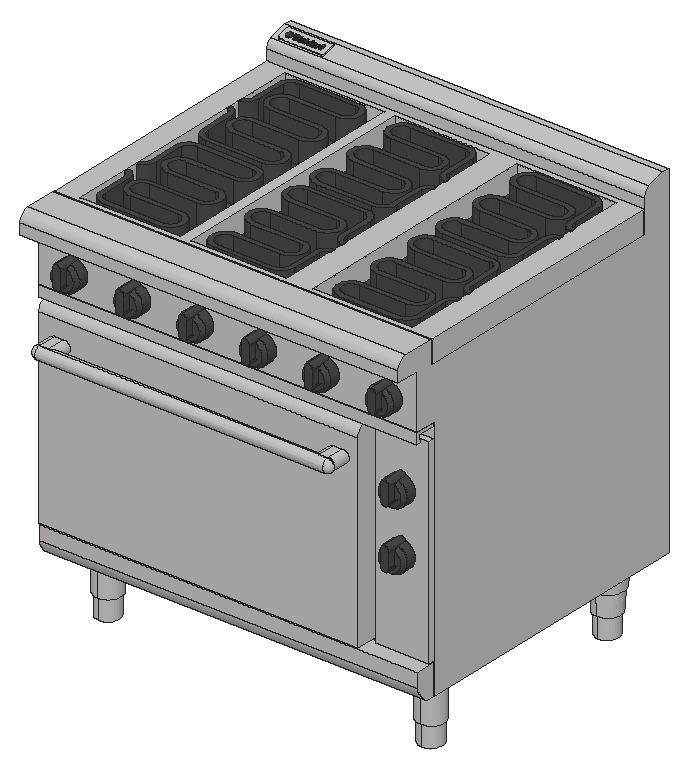
Revit family "QF_MOFFAT WALDORF_RNL8610E", category Specialty Equipment, Revit 2012
Parameters
  Width = 900 mm
  Weight in Pounds = 195
  Watts = 20900 W
  Volts = 415 V
  URL Cutsheet = "www.moffat.com"
  URL = "www.moffat.com"
  Type Mark [instance] = ""
  Status [instance] = ""
  Specification by User [instance] = ""
  Specification by Manufacturer = ""
  Show Logo [instance] = yes
  Show Clearance [instance] = yes
  Serial Number = ""
  Seismic Rating = ""
  SMACNA No = ""
  Revision Code [instance] = ""
  Phase = 3
  Omniclass Number and Title = ""
  Number of Poles [instance] = 1
  NAFEM Spec ID Number = ""
  Model = "RNL8610E"
  Min Ckt Ampacity = 0 A
  Max Overcurrent Protection = 0 A
  Masterspec = ""
  Manufacturer = "MOFFAT WALDORF"
  Item Number [instance] = ""
  Installed By [instance] = ""
  Identify Quantity as Lot [instance] = yes
  Height = 970 mm
  HP = ""
  Furnished By [instance] = ""
  Foodservice Equipment Identifier [instance] = yes
  FL Amps = 29.3 A
  Electrical Remarks [instance] = ""
  Electric Connection Type [instance] = ""
  Elec Conn RI Height [instance] = 0 mm
  Elec Conn Connection Height [instance] = 0 mm
  Description = "RANGE LOW BACK ELECTRIC WITH STATIC OVEN"
  Depth = 805 mm
  Cycle = 50 Hz
  Conn Plug = ""
  Conn Conduit = yes
  CSI MasterFormat = ""
  CSI Master Format = ""
  Body Finish = QF_Finishes_Stainless Steel
  Apparent Power = 0 VA
Reference planes
  plane 1 "BACK": y = 0
  plane 2: z = 0
  plane 3 "LEFT": x = 0
  plane 4 "RIGHT": x = 900
  plane 5 "FRONT": y = -805
  plane 6 "TOP": z = 970
  plane 7 "Center Y": x = 450
  plane 8 "Center X": y = -402.5
  plane 9: x = 280
  plane 10: y = -574.272
  plane 11: y = -304.972
  plane 12: y = -364.972
  plane 13: y = -805
  plane 14: x = 834.5
  plane 15: y = -32
  plane 16: z = 655
  plane 17: x = 65.8
Forms (mm)
  Extrusion 1, solid, material "QF_Finishes_Stainless Steel" <- "Body Finish"
    sketch origin (0, 0, 0) x (0, 1, 0) y (0, 0, 1)
      loop
        line (0, 150) -> (0, 970) -> (-16.5, 970) -> (-58.709, 958.69)
        arc (-58.709, 958.69) -> (-66.975, 950.425) -> (-70, 939.134) r 22.582
        line (-70, 939.134) -> (-70, 861.8) -> (-709, 861.8) -> (-709, 915) -> (-781, 915)
        arc (-781, 915) -> (-797.971, 907.971) -> (-805, 891) r 24
        line (-805, 891) -> (-805, 866) -> (-749, 866) -> (-749, 736.219) -> (-696.73, 736.219) -> (-696.73, 150) -> (0, 150)
      loop
        line (-700.93, 150.071) -> (-700.93, 222.5) -> (-746.73, 222.5) -> (-746.73, 188)
        arc (-746.73, 188) -> (-731.317, 159.995) -> (-700.93, 150.071) r 43.526
      loop
        line (-749, 710) -> (-740.224, 710) -> (-742.613, 726.999) -> (-700.93, 726.999) -> (-700.93, 734.003) -> (-749, 734.003) -> (-749, 710)
    from 0 to 900
  Extrusion 2, solid, material "QF_Finishes_Stainless Steel"
    sketch origin (0, 0, 0) x (0, 1, 0) y (0, 0, 1)
      loop
        line (-699, 700) -> (-725, 700)
        arc (-725, 700) -> (-741.971, 692.971) -> (-749, 676) r 24
        line (-749, 676) -> (-749, 227.5) -> (-699, 227.5) -> (-699, 700)
    from 0 to 760
  Extrusion 3, solid, material "QF_Finishes_Stainless Steel"
    sketch origin (723.5, 0, 0) x (0, 1, 0) y (0, 0, 1)
      loop
        line (-699, 700) -> (-714, 700) -> (-714, 227.5) -> (-699, 227.5) -> (-699, 700)
    from 51.5 to 176.5
  Revolve 4, solid, material "QF_Finishes_Stainless Steel" <- "Body Finish"
    sketch origin (834.5, -165, 0) x (0, 1, 0) y (0, 0, -1)
      loop
        line (33.25, -50) -> (31.418, -102.468) -> (26.406, -102.468) -> (22.247, -150) -> (65, -150) -> (65, 0) -> (37.5, 0) -> (37.5, -50) -> (33.25, -50)
      axis (65, -150) -> (65, 0)
    angle from 0 to 360
  Revolve 5, solid, material "QF_Finishes_Stainless Steel" <- "Body Finish"
    sketch origin (834.5, -696.126, 0) x (0, 1, 0) y (0, 0, -1)
      loop
        line (39.376, -150) -> (71.126, -150) -> (71.126, 0) -> (43.626, 0) -> (43.626, -50) -> (39.376, -50) -> (39.376, -150)
      axis (71.126, -150) -> (71.126, 0)
    angle from 0 to 360
  Revolve 6, solid, material "QF_Finishes_Stainless Steel" <- "Body Finish"
    sketch origin (65.5, -165, 0) x (0, 1, 0) y (0, 0, 1)
      loop
        line (31.418, 102.468) -> (33.25, 50) -> (37.5, 50) -> (37.5, 0) -> (65, 0) -> (65, 150) -> (22.247, 150) -> (26.406, 102.468) -> (31.418, 102.468)
      axis (65, 150) -> (65, 0)
    angle from 0 to 360
  Revolve 7, solid, material "QF_Finishes_Stainless Steel" <- "Body Finish"
    sketch origin (65.5, -696.126, 0) x (0, 1, 0) y (0, 0, 1)
      loop
        line (39.376, 150) -> (39.376, 50) -> (43.626, 50) -> (43.626, 0) -> (71.126, 0) -> (71.126, 150) -> (39.376, 150)
      axis (71.126, 150) -> (71.126, 0)
    angle from 0 to 360
  Extrusion 8, solid, material "QF_Finishes_Stainless Steel"
    sketch origin (0, -70, 861.8) x (0, -1, 0) y (1, 0, 0)
      loop
        arc (1, 4) -> (1.879, 1.879) -> (4, 1) r 3
        line (4, 1) -> (631, 1)
        arc (631, 1) -> (633.121, 1.879) -> (634, 4) r 3
        line (634, 4) -> (634, 897)
        arc (634, 897) -> (633.121, 899.121) -> (631, 900) r 3
        line (631, 900) -> (4, 900)
        arc (4, 900) -> (1.879, 899.121) -> (1, 897) r 3
        line (1, 897) -> (1, 4)
      loop
        line (15.284, 54) -> (623.415, 54) -> (623.415, 293.3) -> (15.284, 293.3) -> (15.284, 54)
      loop
        line (15.284, 846) -> (15.284, 606.7) -> (623.415, 606.7) -> (623.415, 846) -> (15.284, 846)
      loop
        line (15.284, 546) -> (15.284, 316.7) -> (623.415, 316.7) -> (623.415, 546) -> (15.284, 546)
    from 0 to 53.2
  Revolve 9, solid, material "QF_Finishes_Black"
    sketch origin (839.351, 38.874, -0.118) x (0, 1, 0) y (0, 0, 1)
      loop
        line (-820.874, 829.5) -> (-831.874, 823.651) -> (-831.874, 797) -> (-787.874, 797) -> (-787.874, 802) -> (-797.874, 802) -> (-797.874, 829.5) -> (-820.874, 829.5)
      axis (-831.874, 797) -> (-787.874, 797)
    angle from 0 to 360
  Revolve 10, solid, material "QF_Finishes_Black"
    sketch origin (689.351, 38.874, -0.118) x (0, 1, 0) y (0, 0, 1)
      loop
        line (-820.874, 829.5) -> (-831.874, 823.651) -> (-831.874, 797) -> (-787.874, 797) -> (-787.874, 802) -> (-797.874, 802) -> (-797.874, 829.5) -> (-820.874, 829.5)
      axis (-831.874, 797) -> (-787.874, 797)
    angle from 0 to 360
  Revolve 11, solid, material "QF_Finishes_Black"
    sketch origin (90.649, 38.874, -0.118) x (0, 1, 0) y (0, 0, -1)
      loop
        line (-820.874, -829.5) -> (-797.874, -829.5) -> (-797.874, -802) -> (-787.874, -802) -> (-787.874, -797) -> (-831.874, -797) -> (-831.874, -823.651) -> (-820.874, -829.5)
      axis (-831.874, -797) -> (-787.874, -797)
    angle from 0 to 360
  Revolve 12, solid, material "QF_Finishes_Black"
    sketch origin (240.649, 38.874, -0.118) x (0, 1, 0) y (0, 0, -1)
      loop
        line (-820.874, -829.5) -> (-797.874, -829.5) -> (-797.874, -802) -> (-787.874, -802) -> (-787.874, -797) -> (-831.874, -797) -> (-831.874, -823.651) -> (-820.874, -829.5)
      axis (-831.874, -797) -> (-787.874, -797)
    angle from 0 to 360
  Revolve 13, solid, material "QF_Finishes_Black"
    sketch origin (390.625, 38.874, -0.118) x (0, 1, 0) y (0, 0, -1)
      loop
        line (-820.874, -829.5) -> (-797.874, -829.5) -> (-797.874, -802) -> (-787.874, -802) -> (-787.874, -797) -> (-831.874, -797) -> (-831.874, -823.651) -> (-820.874, -829.5)
      axis (-831.874, -797) -> (-787.874, -797)
    angle from 0 to 360
  Revolve 14, solid, material "QF_Finishes_Black"
    sketch origin (540, 38.874, -0.118) x (0, 1, 0) y (0, 0, -1)
      loop
        line (-820.874, -829.5) -> (-797.874, -829.5) -> (-797.874, -802) -> (-787.874, -802) -> (-787.874, -797) -> (-831.874, -797) -> (-831.874, -823.651) -> (-820.874, -829.5)
      axis (-831.874, -797) -> (-787.874, -797)
    angle from 0 to 360
  Extrusion 15, solid, material "QF_Finishes_Black"
    sketch origin (238.456, 0, -0.118) x (-1, 0, 0) y (0, 0, -1)
      loop
        arc (158.3, -789) -> (148.3, -779) -> (138.3, -789) r 10
        line (138.3, -789) -> (138.3, -824)
        arc (138.3, -824) -> (148.3, -834) -> (158.3, -824) r 10
        line (158.3, -824) -> (158.3, -789)
    from 759 to 808
  Extrusion 16, solid, material "QF_Finishes_Black"
    sketch origin (388.456, 0, -0.118) x (-1, 0, 0) y (0, 0, -1)
      loop
        arc (158.3, -789) -> (148.3, -779) -> (138.3, -789) r 10
        line (138.3, -789) -> (138.3, -824)
        arc (138.3, -824) -> (148.3, -834) -> (158.3, -824) r 10
        line (158.3, -824) -> (158.3, -789)
    from 759 to 808
  Extrusion 17, solid, material "QF_Finishes_Black"
    sketch origin (691.544, 0, -0.118) x (1, 0, 0) y (0, 0, 1)
      loop
        line (158.3, 789) -> (158.3, 824)
        arc (158.3, 824) -> (148.3, 834) -> (138.3, 824) r 10
        line (138.3, 824) -> (138.3, 789)
        arc (138.3, 789) -> (148.3, 779) -> (158.3, 789) r 10
    from 759 to 808
  Extrusion 18, solid, material "QF_Finishes_Black"
    sketch origin (541.544, 0, -0.118) x (1, 0, 0) y (0, 0, 1)
      loop
        line (158.3, 789) -> (158.3, 824)
        arc (158.3, 824) -> (148.3, 834) -> (138.3, 824) r 10
        line (138.3, 824) -> (138.3, 789)
        arc (138.3, 789) -> (148.3, 779) -> (158.3, 789) r 10
    from 759 to 808
  Extrusion 19, solid, material "QF_Finishes_Black"
    sketch origin (538.432, 0, -0.118) x (-1, 0, 0) y (0, 0, -1)
      loop
        arc (158.3, -789) -> (148.3, -779) -> (138.3, -789) r 10
        line (138.3, -789) -> (138.3, -824)
        arc (138.3, -824) -> (148.3, -834) -> (158.3, -824) r 10
        line (158.3, -824) -> (158.3, -789)
    from 759 to 808
  Extrusion 20, solid, material "QF_Finishes_Black"
    sketch origin (687.807, 0, -0.118) x (-1, 0, 0) y (0, 0, -1)
      loop
        arc (158.3, -789) -> (148.3, -779) -> (138.3, -789) r 10
        line (138.3, -789) -> (138.3, -824)
        arc (138.3, -824) -> (148.3, -834) -> (158.3, -824) r 10
        line (158.3, -824) -> (158.3, -789)
    from 759 to 808
  Revolve 21, solid, material "QF_Finishes_Black"
    sketch origin (836.851, 81.374, -215.743) x (0, 1, 0) y (0, 0, 1)
      loop
        line (-820.874, 829.5) -> (-831.874, 823.651) -> (-831.874, 797) -> (-787.874, 797) -> (-787.874, 802) -> (-797.874, 802) -> (-797.874, 829.5) -> (-820.874, 829.5)
      axis (-831.874, 797) -> (-787.874, 797)
    angle from 0 to 360
  Extrusion 22, solid, material "QF_Finishes_Black"
    sketch origin (689.044, 42.5, -215.743) x (1, 0, 0) y (0, 0, 1)
      loop
        line (158.3, 789) -> (158.3, 824)
        arc (158.3, 824) -> (148.3, 834) -> (138.3, 824) r 10
        line (138.3, 824) -> (138.3, 789)
        arc (138.3, 789) -> (148.3, 779) -> (158.3, 789) r 10
    from 759 to 808
  Revolve 23, solid, material "QF_Finishes_Black"
    sketch origin (836.851, 81.374, -355.743) x (0, 1, 0) y (0, 0, 1)
      loop
        line (-820.874, 829.5) -> (-831.874, 823.651) -> (-831.874, 797) -> (-787.874, 797) -> (-787.874, 802) -> (-797.874, 802) -> (-797.874, 829.5) -> (-820.874, 829.5)
      axis (-831.874, 797) -> (-787.874, 797)
    angle from 0 to 360
  Extrusion 24, solid, material "QF_Finishes_Black"
    sketch origin (689.044, 42.5, -355.743) x (1, 0, 0) y (0, 0, 1)
      loop
        line (158.3, 789) -> (158.3, 824)
        arc (158.3, 824) -> (148.3, 834) -> (138.3, 824) r 10
        line (138.3, 824) -> (138.3, 789)
        arc (138.3, 789) -> (148.3, 779) -> (158.3, 789) r 10
    from 759 to 808
  Extrusion 25, solid, material "QF_Finishes_Stainless Steel"
    sketch origin (0, -737.874, 150) x (1, 0, 0) y (0, -1, 0)
      loop
        circle (820, -271.874) r 10
    from 0 to 5
  Extrusion 26, solid, material "QF_Door-Drawer Clearances", visible <- "Show Clearance", detail levels coarse
    sketch origin (0, 0, 0) x (0, -1, 0) y (0, 0, 1)
      loop
        line (749, 697.347) -> (749, 227.5) -> (1218.847, 227.5)
        arc (1218.847, 227.5) -> (1081.232, 559.732) -> (749, 697.347) r 469.847
    from 0 to -760
  Extrusion 27, solid, material "QF_Finishes_Black"
    sketch origin (0, -70, 0) x (0, -1, 0) y (1, 0, 0)
      loop
        arc (20.503, 102.138) -> (29.265, 78.692) -> (52.032, 68.293) r 32.731
        line (52.032, 68.293) -> (123.291, 68.293)
        arc (123.291, 68.293) -> (134.915, 64.189) -> (141.853, 54) r 19.786
        line (141.853, 54) -> (154.156, 54)
        arc (154.156, 54) -> (143.507, 72.673) -> (123.41, 80.3) r 31.79
        line (123.41, 80.3) -> (52.272, 80.3)
        arc (52.272, 80.3) -> (37.925, 87.003) -> (32.5, 101.881) r 20.722
        line (32.5, 101.881) -> (32.5, 234.6)
        arc (32.5, 234.6) -> (54.2, 256.3) -> (75.9, 234.6) r 21.7
        line (75.9, 234.6) -> (75.9, 122)
        arc (75.9, 122) -> (109.6, 88.3) -> (143.3, 122) r 33.7
        line (143.3, 122) -> (143.3, 234.6)
        arc (143.3, 234.6) -> (165, 256.3) -> (186.7, 234.6) r 21.7
        line (186.7, 234.6) -> (186.7, 122)
        arc (186.7, 122) -> (220.4, 88.3) -> (254.1, 122) r 33.7
        line (254.1, 122) -> (254.1, 234.6)
        arc (254.1, 234.6) -> (275.8, 256.3) -> (297.5, 234.6) r 21.7
        line (297.5, 234.6) -> (297.5, 101.881)
        arc (297.5, 101.881) -> (292.075, 87.003) -> (277.728, 80.3) r 20.722
        line (277.728, 80.3) -> (206.584, 80.3)
        arc (206.584, 80.3) -> (186.467, 72.659) -> (175.749, 54) r 31.973
        line (175.749, 54) -> (188.064, 54)
        arc (188.064, 54) -> (195.064, 64.184) -> (206.716, 68.3) r 19.973
        line (206.716, 68.3) -> (277.967, 68.3)
        arc (277.967, 68.3) -> (300.725, 78.682) -> (309.5, 102.106) r 32.722
        line (309.5, 102.106) -> (309.5, 234.6)
        arc (309.5, 234.6) -> (275.8, 268.3) -> (242.1, 234.6) r 33.7
        line (242.1, 234.6) -> (242.1, 122)
        arc (242.1, 122) -> (220.4, 100.3) -> (198.7, 122) r 21.7
        line (198.7, 122) -> (198.7, 234.6)
        arc (198.7, 234.6) -> (165, 268.3) -> (131.3, 234.6) r 33.7
        line (131.3, 234.6) -> (131.3, 122)
        arc (131.3, 122) -> (109.6, 100.3) -> (87.9, 122) r 21.7
        line (87.9, 122) -> (87.9, 234.6)
        arc (87.9, 234.6) -> (54.202, 268.298) -> (20.503, 234.6) r 33.698
        line (20.503, 234.6) -> (20.503, 102.138)
      loop
        arc (325.503, 102.138) -> (334.265, 78.692) -> (357.032, 68.293) r 32.731
        line (357.032, 68.293) -> (428.291, 68.293)
        arc (428.291, 68.293) -> (439.915, 64.189) -> (446.853, 54) r 19.786
        line (446.853, 54) -> (459.156, 54)
        arc (459.156, 54) -> (448.507, 72.673) -> (428.41, 80.3) r 31.79
        line (428.41, 80.3) -> (357.272, 80.3)
        arc (357.272, 80.3) -> (342.925, 87.003) -> (337.5, 101.881) r 20.722
        line (337.5, 101.881) -> (337.5, 234.6)
        arc (337.5, 234.6) -> (359.2, 256.3) -> (380.9, 234.6) r 21.7
        line (380.9, 234.6) -> (380.9, 122)
        arc (380.9, 122) -> (414.6, 88.3) -> (448.3, 122) r 33.7
        line (448.3, 122) -> (448.3, 234.6)
        arc (448.3, 234.6) -> (470, 256.3) -> (491.7, 234.6) r 21.7
        line (491.7, 234.6) -> (491.7, 122)
        arc (491.7, 122) -> (525.4, 88.3) -> (559.1, 122) r 33.7
        line (559.1, 122) -> (559.1, 234.6)
        arc (559.1, 234.6) -> (580.8, 256.3) -> (602.5, 234.6) r 21.7
        line (602.5, 234.6) -> (602.5, 101.881)
        arc (602.5, 101.881) -> (597.075, 87.003) -> (582.728, 80.3) r 20.722
        line (582.728, 80.3) -> (511.584, 80.3)
        arc (511.584, 80.3) -> (491.467, 72.659) -> (480.749, 54) r 31.973
        line (480.749, 54) -> (493.064, 54)
        arc (493.064, 54) -> (500.064, 64.184) -> (511.716, 68.3) r 19.973
        line (511.716, 68.3) -> (582.967, 68.3)
        arc (582.967, 68.3) -> (605.725, 78.682) -> (614.5, 102.106) r 32.722
        line (614.5, 102.106) -> (614.5, 234.6)
        arc (614.5, 234.6) -> (580.8, 268.3) -> (547.1, 234.6) r 33.7
        line (547.1, 234.6) -> (547.1, 122)
        arc (547.1, 122) -> (525.4, 100.3) -> (503.7, 122) r 21.7
        line (503.7, 122) -> (503.7, 234.6)
        arc (503.7, 234.6) -> (470, 268.3) -> (436.3, 234.6) r 33.7
        line (436.3, 234.6) -> (436.3, 122)
        arc (436.3, 122) -> (414.6, 100.3) -> (392.9, 122) r 21.7
        line (392.9, 122) -> (392.9, 234.6)
        arc (392.9, 234.6) -> (359.202, 268.298) -> (325.503, 234.6) r 33.698
        line (325.503, 234.6) -> (325.503, 102.138)
      loop
        line (20.503, 497.862) -> (20.503, 365.4)
        arc (20.503, 365.4) -> (54.202, 331.702) -> (87.9, 365.4) r 33.698
        line (87.9, 365.4) -> (87.9, 478)
        arc (87.9, 478) -> (109.6, 499.7) -> (131.3, 478) r 21.7
        line (131.3, 478) -> (131.3, 365.4)
        arc (131.3, 365.4) -> (165, 331.7) -> (198.7, 365.4) r 33.7
        line (198.7, 365.4) -> (198.7, 478)
        arc (198.7, 478) -> (220.4, 499.7) -> (242.1, 478) r 21.7
        line (242.1, 478) -> (242.1, 365.4)
        arc (242.1, 365.4) -> (275.8, 331.7) -> (309.5, 365.4) r 33.7
        line (309.5, 365.4) -> (309.5, 497.894)
        arc (309.5, 497.894) -> (300.725, 521.318) -> (277.967, 531.7) r 32.722
        line (277.967, 531.7) -> (206.716, 531.7)
        arc (206.716, 531.7) -> (195.064, 535.816) -> (188.064, 546) r 19.973
        line (188.064, 546) -> (175.749, 546)
        arc (175.749, 546) -> (186.467, 527.341) -> (206.584, 519.7) r 31.973
        line (206.584, 519.7) -> (277.728, 519.7)
        arc (277.728, 519.7) -> (292.075, 512.997) -> (297.5, 498.119) r 20.722
        line (297.5, 498.119) -> (297.5, 365.4)
        arc (297.5, 365.4) -> (275.8, 343.7) -> (254.1, 365.4) r 21.7
        line (254.1, 365.4) -> (254.1, 478)
        arc (254.1, 478) -> (220.4, 511.7) -> (186.7, 478) r 33.7
        line (186.7, 478) -> (186.7, 365.4)
        arc (186.7, 365.4) -> (165, 343.7) -> (143.3, 365.4) r 21.7
        line (143.3, 365.4) -> (143.3, 478)
        arc (143.3, 478) -> (109.6, 511.7) -> (75.9, 478) r 33.7
        line (75.9, 478) -> (75.9, 365.4)
        arc (75.9, 365.4) -> (54.2, 343.7) -> (32.5, 365.4) r 21.7
        line (32.5, 365.4) -> (32.5, 498.119)
        arc (32.5, 498.119) -> (37.925, 512.997) -> (52.272, 519.7) r 20.722
        line (52.272, 519.7) -> (123.41, 519.7)
        arc (123.41, 519.7) -> (143.507, 527.327) -> (154.156, 546) r 31.79
        line (154.156, 546) -> (141.853, 546)
        arc (141.853, 546) -> (134.915, 535.811) -> (123.291, 531.707) r 19.786
        line (123.291, 531.707) -> (52.032, 531.707)
        arc (52.032, 531.707) -> (29.265, 521.308) -> (20.503, 497.862) r 32.731
      loop
        line (325.503, 497.862) -> (325.503, 365.4)
        arc (325.503, 365.4) -> (359.202, 331.702) -> (392.9, 365.4) r 33.698
        line (392.9, 365.4) -> (392.9, 478)
        arc (392.9, 478) -> (414.6, 499.7) -> (436.3, 478) r 21.7
        line (436.3, 478) -> (436.3, 365.4)
        arc (436.3, 365.4) -> (470, 331.7) -> (503.7, 365.4) r 33.7
        line (503.7, 365.4) -> (503.7, 478)
        arc (503.7, 478) -> (525.4, 499.7) -> (547.1, 478) r 21.7
        line (547.1, 478) -> (547.1, 365.4)
        arc (547.1, 365.4) -> (580.8, 331.7) -> (614.5, 365.4) r 33.7
        line (614.5, 365.4) -> (614.5, 497.894)
        arc (614.5, 497.894) -> (605.725, 521.318) -> (582.967, 531.7) r 32.722
        line (582.967, 531.7) -> (511.716, 531.7)
        arc (511.716, 531.7) -> (500.064, 535.816) -> (493.064, 546) r 19.973
        line (493.064, 546) -> (480.749, 546)
        arc (480.749, 546) -> (491.467, 527.341) -> (511.584, 519.7) r 31.973
        line (511.584, 519.7) -> (582.728, 519.7)
        arc (582.728, 519.7) -> (597.075, 512.997) -> (602.5, 498.119) r 20.722
        line (602.5, 498.119) -> (602.5, 365.4)
        arc (602.5, 365.4) -> (580.8, 343.7) -> (559.1, 365.4) r 21.7
        line (559.1, 365.4) -> (559.1, 478)
        arc (559.1, 478) -> (525.4, 511.7) -> (491.7, 478) r 33.7
        line (491.7, 478) -> (491.7, 365.4)
        arc (491.7, 365.4) -> (470, 343.7) -> (448.3, 365.4) r 21.7
        line (448.3, 365.4) -> (448.3, 478)
        arc (448.3, 478) -> (414.6, 511.7) -> (380.9, 478) r 33.7
        line (380.9, 478) -> (380.9, 365.4)
        arc (380.9, 365.4) -> (359.2, 343.7) -> (337.5, 365.4) r 21.7
        line (337.5, 365.4) -> (337.5, 498.119)
        arc (337.5, 498.119) -> (342.925, 512.997) -> (357.272, 519.7) r 20.722
        line (357.272, 519.7) -> (428.41, 519.7)
        arc (428.41, 519.7) -> (448.507, 527.327) -> (459.156, 546) r 31.79
        line (459.156, 546) -> (446.853, 546)
        arc (446.853, 546) -> (439.915, 535.811) -> (428.291, 531.707) r 19.786
        line (428.291, 531.707) -> (357.032, 531.707)
        arc (357.032, 531.707) -> (334.265, 521.308) -> (325.503, 497.862) r 32.731
      loop
        line (20.503, 797.862) -> (20.503, 665.4)
        arc (20.503, 665.4) -> (54.202, 631.702) -> (87.9, 665.4) r 33.698
        line (87.9, 665.4) -> (87.9, 778)
        arc (87.9, 778) -> (109.6, 799.7) -> (131.3, 778) r 21.7
        line (131.3, 778) -> (131.3, 665.4)
        arc (131.3, 665.4) -> (165, 631.7) -> (198.7, 665.4) r 33.7
        line (198.7, 665.4) -> (198.7, 778)
        arc (198.7, 778) -> (220.4, 799.7) -> (242.1, 778) r 21.7
        line (242.1, 778) -> (242.1, 665.4)
        arc (242.1, 665.4) -> (275.8, 631.7) -> (309.5, 665.4) r 33.7
        line (309.5, 665.4) -> (309.5, 797.894)
        arc (309.5, 797.894) -> (300.725, 821.318) -> (277.967, 831.7) r 32.722
        line (277.967, 831.7) -> (206.716, 831.7)
        arc (206.716, 831.7) -> (195.064, 835.816) -> (188.064, 846) r 19.973
        line (188.064, 846) -> (175.749, 846)
        arc (175.749, 846) -> (186.467, 827.341) -> (206.584, 819.7) r 31.973
        line (206.584, 819.7) -> (277.728, 819.7)
        arc (277.728, 819.7) -> (292.075, 812.997) -> (297.5, 798.119) r 20.722
        line (297.5, 798.119) -> (297.5, 665.4)
        arc (297.5, 665.4) -> (275.8, 643.7) -> (254.1, 665.4) r 21.7
        line (254.1, 665.4) -> (254.1, 778)
        arc (254.1, 778) -> (220.4, 811.7) -> (186.7, 778) r 33.7
        line (186.7, 778) -> (186.7, 665.4)
        arc (186.7, 665.4) -> (165, 643.7) -> (143.3, 665.4) r 21.7
        line (143.3, 665.4) -> (143.3, 778)
        arc (143.3, 778) -> (109.6, 811.7) -> (75.9, 778) r 33.7
        line (75.9, 778) -> (75.9, 665.4)
        arc (75.9, 665.4) -> (54.2, 643.7) -> (32.5, 665.4) r 21.7
        line (32.5, 665.4) -> (32.5, 798.119)
        arc (32.5, 798.119) -> (37.925, 812.997) -> (52.272, 819.7) r 20.722
        line (52.272, 819.7) -> (123.41, 819.7)
        arc (123.41, 819.7) -> (143.507, 827.327) -> (154.156, 846) r 31.79
        line (154.156, 846) -> (141.853, 846)
        arc (141.853, 846) -> (134.915, 835.811) -> (123.291, 831.707) r 19.786
        line (123.291, 831.707) -> (52.032, 831.707)
        arc (52.032, 831.707) -> (29.265, 821.308) -> (20.503, 797.862) r 32.731
      loop
        line (325.503, 797.862) -> (325.503, 665.4)
        arc (325.503, 665.4) -> (359.202, 631.702) -> (392.9, 665.4) r 33.698
        line (392.9, 665.4) -> (392.9, 778)
        arc (392.9, 778) -> (414.6, 799.7) -> (436.3, 778) r 21.7
        line (436.3, 778) -> (436.3, 665.4)
        arc (436.3, 665.4) -> (470, 631.7) -> (503.7, 665.4) r 33.7
        line (503.7, 665.4) -> (503.7, 778)
        arc (503.7, 778) -> (525.4, 799.7) -> (547.1, 778) r 21.7
        line (547.1, 778) -> (547.1, 665.4)
        arc (547.1, 665.4) -> (580.8, 631.7) -> (614.5, 665.4) r 33.7
        line (614.5, 665.4) -> (614.5, 797.894)
        arc (614.5, 797.894) -> (605.725, 821.318) -> (582.967, 831.7) r 32.722
        line (582.967, 831.7) -> (511.716, 831.7)
        arc (511.716, 831.7) -> (500.064, 835.816) -> (493.064, 846) r 19.973
        line (493.064, 846) -> (480.749, 846)
        arc (480.749, 846) -> (491.467, 827.341) -> (511.584, 819.7) r 31.973
        line (511.584, 819.7) -> (582.728, 819.7)
        arc (582.728, 819.7) -> (597.075, 812.997) -> (602.5, 798.119) r 20.722
        line (602.5, 798.119) -> (602.5, 665.4)
        arc (602.5, 665.4) -> (580.8, 643.7) -> (559.1, 665.4) r 21.7
        line (559.1, 665.4) -> (559.1, 778)
        arc (559.1, 778) -> (525.4, 811.7) -> (491.7, 778) r 33.7
        line (491.7, 778) -> (491.7, 665.4)
        arc (491.7, 665.4) -> (470, 643.7) -> (448.3, 665.4) r 21.7
        line (448.3, 665.4) -> (448.3, 778)
        arc (448.3, 778) -> (414.6, 811.7) -> (380.9, 778) r 33.7
        line (380.9, 778) -> (380.9, 665.4)
        arc (380.9, 665.4) -> (359.2, 643.7) -> (337.5, 665.4) r 21.7
        line (337.5, 665.4) -> (337.5, 798.119)
        arc (337.5, 798.119) -> (342.925, 812.997) -> (357.272, 819.7) r 20.722
        line (357.272, 819.7) -> (428.41, 819.7)
        arc (428.41, 819.7) -> (448.507, 827.327) -> (459.156, 846) r 31.79
        line (459.156, 846) -> (446.853, 846)
        arc (446.853, 846) -> (439.915, 835.811) -> (428.291, 831.707) r 19.786
        line (428.291, 831.707) -> (357.032, 831.707)
        arc (357.032, 831.707) -> (334.265, 821.308) -> (325.503, 797.862) r 32.731
    from 861.8 to 915
  Extrusion 28, solid, material "QF_Finishes_Stainless Steel"
    sketch origin (0, -749, 227.5) x (0, 0, 1) y (-1, 0, 0)
      loop
        line (380.625, -38.246) -> (380.625, -58.528)
        arc (380.625, -58.528) -> (395.625, -73.528) -> (410.625, -58.528) r 15
        line (410.625, -58.528) -> (410.625, -38.246)
        arc (410.625, -38.246) -> (395.625, -23.246) -> (380.625, -38.246) r 15
      loop
        arc (380.625, -723.039) -> (395.625, -738.039) -> (410.625, -723.039) r 15
        line (410.625, -723.039) -> (410.625, -702.757)
        arc (410.625, -702.757) -> (395.625, -687.757) -> (380.625, -702.757) r 15
        line (380.625, -702.757) -> (380.625, -723.039)
    from 0 to 44
  Revolve 29, solid, material "QF_Finishes_Stainless Steel"
    sketch origin (0, -793, 0) x (1, 0, 0) y (0, 0, 1)
      loop
        arc (738.039, 623.125) -> (733.646, 633.732) -> (723.039, 638.125) r 15
        line (723.039, 638.125) -> (38.246, 638.125)
        arc (38.246, 638.125) -> (27.64, 633.732) -> (23.246, 623.125) r 15
        line (23.246, 623.125) -> (738.039, 623.125)
      axis (738.039, 623.125) -> (23.246, 623.125)
    angle from 0 to 360
Lines and regions (mm)
  Split face 1
    outline origin (0, -16.5, 970) x (0, -0.965926, -0.258819) y (1, 0, 0)
      loop
        line (1.962, 129.583) -> (29.558, 129.583) -> (29.558, 149.583) -> (1.962, 149.583) -> (1.962, 129.583)
  Split face 2
    outline origin (0, -16.5, 970) x (0, -0.965926, -0.258819) y (1, 0, 0)
      loop
        line (29.558, 156.5) -> (29.558, 176.5) -> (1.962, 176.5) -> (1.962, 156.5) -> (29.558, 156.5)
  Split face 3
    outline origin (0, -16.5, 970) x (0, -0.965926, -0.258819) y (1, 0, 0)
      loop
        line (29.558, 203.5) -> (1.962, 203.5) -> (1.962, 183.5) -> (29.558, 183.5) -> (29.558, 203.5)
  Split face 4
    outline origin (0, -16.5, 970) x (0, -0.965926, -0.258819) y (1, 0, 0)
      loop
        line (29.558, 230.5) -> (1.962, 230.5) -> (1.962, 210.5) -> (29.558, 210.5) -> (29.558, 230.5)
  Split face 5
    outline origin (0, -16.5, 970) x (0, -0.965926, -0.258819) y (1, 0, 0)
      loop
        line (29.558, 257.5) -> (1.962, 257.5) -> (1.962, 237.5) -> (29.558, 237.5) -> (29.558, 257.5)
  Split face 6
    outline origin (0, -16.5, 970) x (0, -0.965926, -0.258819) y (1, 0, 0)
      loop
        line (29.558, 264.5) -> (29.558, 284.5) -> (1.962, 284.5) -> (1.962, 264.5) -> (29.558, 264.5)
  Split face 7
    outline origin (0, -16.5, 970) x (0, -0.965926, -0.258819) y (1, 0, 0)
      loop
        line (29.558, 311.5) -> (1.962, 311.5) -> (1.962, 291.5) -> (29.558, 291.5) -> (29.558, 311.5)
  Split face 8
    outline origin (0, -16.5, 970) x (0, -0.965926, -0.258819) y (1, 0, 0)
      loop
        line (1.962, 638.5) -> (1.962, 618.5) -> (29.558, 618.5) -> (29.558, 638.5) -> (1.962, 638.5)
  Split face 9
    outline origin (0, -16.5, 970) x (0, -0.965926, -0.258819) y (1, 0, 0)
      loop
        line (1.962, 645.5) -> (29.558, 645.5) -> (29.558, 665.5) -> (1.962, 665.5) -> (1.962, 645.5)
  Split face 10
    outline origin (0, -16.5, 970) x (0, -0.965926, -0.258819) y (1, 0, 0)
      loop
        line (29.558, 672.5) -> (29.558, 692.5) -> (1.962, 692.5) -> (1.962, 672.5) -> (29.558, 672.5)
  Split face 11
    outline origin (0, -16.5, 970) x (0, -0.965926, -0.258819) y (1, 0, 0)
      loop
        line (29.558, 699.5) -> (29.558, 719.5) -> (1.962, 719.5) -> (1.962, 699.5) -> (29.558, 699.5)
  Split face 12
    outline origin (0, -16.5, 970) x (0, -0.965926, -0.258819) y (1, 0, 0)
      loop
        line (29.558, 726.5) -> (29.558, 746.5) -> (1.962, 746.5) -> (1.962, 726.5) -> (29.558, 726.5)
  Split face 13
    outline origin (0, -16.5, 970) x (0, -0.965926, -0.258819) y (1, 0, 0)
      loop
        line (1.962, 753.5) -> (29.558, 753.5) -> (29.558, 773.5) -> (1.962, 773.5) -> (1.962, 753.5)
  Split face 14
    outline origin (29.312, -16.5, 970) x (0, -0.965926, -0.258819) y (1, 0, 0)
      loop
        line (29.558, 311.5) -> (1.962, 311.5) -> (1.962, 291.5) -> (29.558, 291.5) -> (29.558, 311.5)
  Split face 15
    outline origin (58.539, -16.5, 970) x (0, -0.965926, -0.258819) y (1, 0, 0)
      loop
        line (29.558, 311.5) -> (1.962, 311.5) -> (1.962, 291.5) -> (29.558, 291.5) -> (29.558, 311.5)
  Split face 16
    outline origin (85.538, -16.5, 970) x (0, -0.965926, -0.258819) y (1, 0, 0)
      loop
        line (29.558, 311.5) -> (1.962, 311.5) -> (1.962, 291.5) -> (29.558, 291.5) -> (29.558, 311.5)
  Split face 17
    outline origin (111.014, -16.5, 970) x (0, -0.965926, -0.258819) y (1, 0, 0)
      loop
        line (29.558, 311.5) -> (1.962, 311.5) -> (1.962, 291.5) -> (29.558, 291.5) -> (29.558, 311.5)
  Split face 18
    outline origin (137.462, -16.5, 970) x (0, -0.965926, -0.258819) y (1, 0, 0)
      loop
        line (29.558, 311.5) -> (1.962, 311.5) -> (1.962, 291.5) -> (29.558, 291.5) -> (29.558, 311.5)
  Split face 19
    outline origin (163.546, -16.5, 970) x (0, -0.965926, -0.258819) y (1, 0, 0)
      loop
        line (29.558, 311.5) -> (1.962, 311.5) -> (1.962, 291.5) -> (29.558, 291.5) -> (29.558, 311.5)
  Split face 20
    outline origin (189.443, -16.5, 970) x (0, -0.965926, -0.258819) y (1, 0, 0)
      loop
        line (29.558, 311.5) -> (1.962, 311.5) -> (1.962, 291.5) -> (29.558, 291.5) -> (29.558, 311.5)
  Split face 21
    outline origin (215.891, -16.5, 970) x (0, -0.965926, -0.258819) y (1, 0, 0)
      loop
        line (29.558, 311.5) -> (1.962, 311.5) -> (1.962, 291.5) -> (29.558, 291.5) -> (29.558, 311.5)
  Split face 22
    outline origin (246.196, -16.5, 970) x (0, -0.965926, -0.258819) y (1, 0, 0)
      loop
        line (29.558, 311.5) -> (1.962, 311.5) -> (1.962, 291.5) -> (29.558, 291.5) -> (29.558, 311.5)
  Split face 23
    outline origin (274.297, -16.5, 970) x (0, -0.965926, -0.258819) y (1, 0, 0)
      loop
        line (29.558, 311.5) -> (1.962, 311.5) -> (1.962, 291.5) -> (29.558, 291.5) -> (29.558, 311.5)
  Split face 24
    outline origin (299.643, -16.5, 970) x (0, -0.965926, -0.258819) y (1, 0, 0)
      loop
        line (29.558, 311.5) -> (1.962, 311.5) -> (1.962, 291.5) -> (29.558, 291.5) -> (29.558, 311.5)
  symbolic lines
    curve 1: line (0, 0, 0) -> (0, -805, 0)
    curve 2: line (900, 0, 0) -> (0, 0, 0)
    curve 3: line (900, -805, 0) -> (900, 0, 0)
    curve 4: line (0, -70, 0) -> (900, -70, 0)
    curve 5: line (12.5, -51.234, 0) -> (12.5, -20.958, 0)
    curve 6: line (12.5, -20.958, 0) -> (121.5, -20.958, 0)
    curve 7: line (12.5, -51.234, 0) -> (121.5, -51.234, 0)
    curve 8: line (121.5, -20.958, 0) -> (121.5, -51.234, 0)
    curve 9: line (129.583, -22.262, 0) -> (129.583, -50.526, 0)
    curve 10: line (129.583, -50.526, 0) -> (149.583, -50.526, 0)
    curve 11: line (149.583, -50.526, 0) -> (149.583, -22.262, 0)
    curve 12: line (149.583, -22.262, 0) -> (129.583, -22.262, 0)
    curve 13: line (156.5, -22.262, 0) -> (156.5, -50.526, 0)
    curve 14: line (156.5, -50.526, 0) -> (176.5, -50.526, 0)
    curve 15: line (176.5, -50.526, 0) -> (176.5, -22.262, 0)
    curve 16: line (176.5, -22.262, 0) -> (156.5, -22.262, 0)
    curve 17: line (183.5, -22.262, 0) -> (183.5, -50.526, 0)
    curve 18: line (183.5, -50.526, 0) -> (203.5, -50.526, 0)
    curve 19: line (203.5, -50.526, 0) -> (203.5, -22.262, 0)
    curve 20: line (203.5, -22.262, 0) -> (183.5, -22.262, 0)
    curve 21: line (210.5, -22.262, 0) -> (210.5, -50.526, 0)
    curve 22: line (210.5, -50.526, 0) -> (230.5, -50.526, 0)
    curve 23: line (230.5, -50.526, 0) -> (230.5, -22.262, 0)
    curve 24: line (230.5, -22.262, 0) -> (210.5, -22.262, 0)
    curve 25: line (900, -805, 0) -> (0, -805, 0)
    curve 26: line (4.5, -805, 0) -> (4.5, -70, 0)
    curve 27: line (897, -70, 0) -> (897, -805, 0)
    curve 28: line (237.5, -22.262, 0) -> (237.5, -50.526, 0)
    curve 29: line (237.5, -50.526, 0) -> (257.5, -50.526, 0)
    curve 30: line (257.5, -50.526, 0) -> (257.5, -22.262, 0)
    curve 31: line (257.5, -22.262, 0) -> (237.5, -22.262, 0)
    curve 32: line (264.417, -22.262, 0) -> (264.417, -50.526, 0)
    curve 33: line (264.417, -50.526, 0) -> (284.417, -50.526, 0)
    curve 34: line (284.417, -50.526, 0) -> (284.417, -22.262, 0)
    curve 35: line (284.417, -22.262, 0) -> (264.417, -22.262, 0)
    curve 36: line (291.417, -22.262, 0) -> (291.417, -50.526, 0)
    curve 37: line (291.417, -50.526, 0) -> (311.417, -50.526, 0)
    curve 38: line (311.417, -50.526, 0) -> (311.417, -22.262, 0)
    curve 39: line (311.417, -22.262, 0) -> (291.417, -22.262, 0)
    curve 40: line (318.417, -22.262, 0) -> (318.417, -50.526, 0)
    curve 41: line (318.417, -50.526, 0) -> (338.417, -50.526, 0)
    curve 42: line (338.417, -50.526, 0) -> (338.417, -22.262, 0)
    curve 43: line (338.417, -22.262, 0) -> (318.417, -22.262, 0)
    curve 44: line (350.039, -22.262, 0) -> (350.039, -50.526, 0)
    curve 45: line (350.039, -50.526, 0) -> (370.039, -50.526, 0)
    curve 46: line (370.039, -50.526, 0) -> (370.039, -22.262, 0)
    curve 47: line (370.039, -22.262, 0) -> (350.039, -22.262, 0)
    curve 48: line (376.956, -22.262, 0) -> (376.956, -50.526, 0)
    curve 49: line (376.956, -50.526, 0) -> (396.956, -50.526, 0)
    curve 50: line (396.956, -50.526, 0) -> (396.956, -22.262, 0)
    curve 51: line (396.956, -22.262, 0) -> (376.956, -22.262, 0)
    curve 52: line (403.956, -22.262, 0) -> (403.956, -50.526, 0)
    curve 53: line (403.956, -50.526, 0) -> (423.956, -50.526, 0)
    curve 54: line (423.956, -50.526, 0) -> (423.956, -22.262, 0)
    curve 55: line (423.956, -22.262, 0) -> (403.956, -22.262, 0)
    curve 56: line (430.956, -22.262, 0) -> (430.956, -50.526, 0)
    curve 57: line (430.956, -50.526, 0) -> (450.956, -50.526, 0)
    curve 58: line (450.956, -50.526, 0) -> (450.956, -22.262, 0)
    curve 59: line (450.956, -22.262, 0) -> (430.956, -22.262, 0)
    curve 60: line (457.956, -22.262, 0) -> (457.956, -50.526, 0)
    curve 61: line (457.956, -50.526, 0) -> (477.956, -50.526, 0)
    curve 62: line (477.956, -50.526, 0) -> (477.956, -22.262, 0)
    curve 63: line (477.956, -22.262, 0) -> (457.956, -22.262, 0)
    curve 64: line (484.872, -22.262, 0) -> (484.872, -50.526, 0)
    curve 65: line (484.872, -50.526, 0) -> (504.872, -50.526, 0)
    curve 66: line (504.872, -50.526, 0) -> (504.872, -22.262, 0)
    curve 67: line (504.872, -22.262, 0) -> (484.872, -22.262, 0)
    curve 68: line (511.872, -22.262, 0) -> (511.872, -50.526, 0)
    curve 69: line (511.872, -50.526, 0) -> (531.872, -50.526, 0)
    curve 70: line (531.872, -50.526, 0) -> (531.872, -22.262, 0)
    curve 71: line (531.872, -22.262, 0) -> (511.872, -22.262, 0)
    curve 72: line (538.872, -22.262, 0) -> (538.872, -50.526, 0)
    curve 73: line (538.872, -50.526, 0) -> (558.872, -50.526, 0)
    curve 74: line (558.872, -50.526, 0) -> (558.872, -22.262, 0)
    curve 75: line (558.872, -22.262, 0) -> (538.872, -22.262, 0)
    curve 76: line (565.797, -22.262, 0) -> (565.797, -50.526, 0)
    curve 77: line (565.797, -50.526, 0) -> (585.797, -50.526, 0)
    curve 78: line (585.797, -50.526, 0) -> (585.797, -22.262, 0)
    curve 79: line (585.797, -22.262, 0) -> (565.797, -22.262, 0)
    curve 80: line (592.714, -22.262, 0) -> (592.714, -50.526, 0)
    curve 81: line (592.714, -50.526, 0) -> (612.714, -50.526, 0)
    curve 82: line (612.714, -50.526, 0) -> (612.714, -22.262, 0)
    curve 83: line (612.714, -22.262, 0) -> (592.714, -22.262, 0)
    curve 84: line (619.714, -22.262, 0) -> (619.714, -50.526, 0)
    curve 85: line (619.714, -50.526, 0) -> (639.714, -50.526, 0)
    curve 86: line (639.714, -50.526, 0) -> (639.714, -22.262, 0)
    curve 87: line (639.714, -22.262, 0) -> (619.714, -22.262, 0)
    curve 88: line (646.714, -22.262, 0) -> (646.714, -50.526, 0)
    curve 89: line (646.714, -50.526, 0) -> (666.714, -50.526, 0)
    curve 90: line (666.714, -50.526, 0) -> (666.714, -22.262, 0)
    curve 91: line (666.714, -22.262, 0) -> (646.714, -22.262, 0)
    curve 92: line (673.714, -22.262, 0) -> (673.714, -50.526, 0)
    curve 93: line (673.714, -50.526, 0) -> (693.714, -50.526, 0)
    curve 94: line (693.714, -50.526, 0) -> (693.714, -22.262, 0)
    curve 95: line (693.714, -22.262, 0) -> (673.714, -22.262, 0)
    curve 96: line (700.631, -22.262, 0) -> (700.631, -50.526, 0)
    curve 97: line (700.631, -50.526, 0) -> (720.631, -50.526, 0)
    curve 98: line (720.631, -50.526, 0) -> (720.631, -22.262, 0)
    curve 99: line (720.631, -22.262, 0) -> (700.631, -22.262, 0)
    curve 100: line (727.631, -22.262, 0) -> (727.631, -50.526, 0)
    curve 101: line (727.631, -50.526, 0) -> (747.631, -50.526, 0)
    curve 102: line (747.631, -50.526, 0) -> (747.631, -22.262, 0)
    curve 103: line (747.631, -22.262, 0) -> (727.631, -22.262, 0)
    curve 104: line (754.631, -22.262, 0) -> (754.631, -50.526, 0)
    curve 105: line (754.631, -50.526, 0) -> (774.631, -50.526, 0)
    curve 106: line (774.631, -50.526, 0) -> (774.631, -22.262, 0)
    curve 107: line (774.631, -22.262, 0) -> (754.631, -22.262, 0)
    curve 108: line (900, -709, 0) -> (0, -709, 0)
    curve 109: line (0, -705.7, 0) -> (900, -705.7, 0)
    curve 110: line (900, -72.734, 0) -> (0, -72.734, 0)
    curve 111: arc (22.65, -805, 0) -> (34.104, -815.278, 0) -> (48.889, -819.544, 0) r 34.455
    curve 112: line (48.889, -819.544, 0) -> (721.858, -819.544, 0)
    curve 113: arc (721.858, -819.544, 0) -> (736.403, -815.647, 0) -> (747.05, -805, 0) r 29.089
    curve 114: line (606.7, -693.415, 0) -> (606.7, -85.284, 0)
    curve 115: line (846, -693.415, 0) -> (606.7, -693.415, 0)
    curve 116: line (846, -85.284, 0) -> (846, -693.415, 0)
    curve 117: line (606.7, -85.284, 0) -> (846, -85.284, 0)
    curve 118: line (316.7, -85.284, 0) -> (546, -85.284, 0)
    curve 119: line (546, -85.284, 0) -> (546, -693.415, 0)
    curve 120: line (316.7, -693.415, 0) -> (316.7, -85.284, 0)
    curve 121: line (546, -693.415, 0) -> (316.7, -693.415, 0)
    curve 122: line (293.3, -85.284, 0) -> (293.3, -693.415, 0)
    curve 123: line (54, -693.415, 0) -> (54, -85.284, 0)
    curve 124: line (293.3, -693.415, 0) -> (54, -693.415, 0)
    curve 125: line (54, -85.284, 0) -> (293.3, -85.284, 0)
    curve 129: arc (53.137, -219.231, 0) -> (68.859, -210.273, 0) -> (75.3, -193.364, 0) r 26.79
    curve 130: line (75.3, -193.364, 0) -> (75.3, -122.166, 0)
    curve 131: arc (75.3, -122.166, 0) -> (83.54, -104.316, 0) -> (101.981, -97.5, 0) r 25.722
    curve 132: line (101.981, -97.5, 0) -> (234.6, -97.5, 0)
    curve 133: arc (234.6, -97.5, 0) -> (261.3, -124.2, 0) -> (234.6, -150.9, 0) r 26.7
    curve 134: line (234.6, -150.9, 0) -> (122, -150.9, 0)
    curve 135: arc (122, -150.9, 0) -> (93.3, -179.6, 0) -> (122, -208.3, 0) r 28.7
    curve 136: line (122, -208.3, 0) -> (234.6, -208.3, 0)
    curve 137: arc (234.6, -208.3, 0) -> (261.3, -235, 0) -> (234.6, -261.7, 0) r 26.7
    curve 138: line (234.6, -261.7, 0) -> (122, -261.7, 0)
    curve 139: arc (122, -261.7, 0) -> (93.3, -290.4, 0) -> (122, -319.1, 0) r 28.7
    curve 140: line (122, -319.1, 0) -> (234.6, -319.1, 0)
    curve 141: arc (234.6, -319.1, 0) -> (261.3, -345.8, 0) -> (234.6, -372.5, 0) r 26.7
    curve 142: line (234.6, -372.5, 0) -> (101.981, -372.5, 0)
    curve 143: arc (101.981, -372.5, 0) -> (83.54, -365.684, 0) -> (75.3, -347.834, 0) r 25.722
    curve 144: line (75.3, -347.834, 0) -> (75.3, -276.635, 0)
    curve 145: arc (75.3, -276.635, 0) -> (68.84, -259.694, 0) -> (53.114, -250.67, 0) r 26.973
    curve 146: arc (53.137, -524.231, 0) -> (68.859, -515.273, 0) -> (75.3, -498.364, 0) r 26.79
    curve 147: line (75.3, -498.364, 0) -> (75.3, -427.166, 0)
    curve 148: arc (75.3, -427.166, 0) -> (83.54, -409.316, 0) -> (101.981, -402.5, 0) r 25.722
    curve 149: line (101.981, -402.5, 0) -> (234.6, -402.5, 0)
    curve 150: arc (234.6, -402.5, 0) -> (261.3, -429.2, 0) -> (234.6, -455.9, 0) r 26.7
    curve 151: line (234.6, -455.9, 0) -> (122, -455.9, 0)
    curve 152: arc (122, -455.9, 0) -> (93.3, -484.6, 0) -> (122, -513.3, 0) r 28.7
    curve 153: line (122, -513.3, 0) -> (234.6, -513.3, 0)
    curve 154: arc (234.6, -513.3, 0) -> (261.3, -540, 0) -> (234.6, -566.7, 0) r 26.7
    curve 155: line (234.6, -566.7, 0) -> (122, -566.7, 0)
    curve 156: arc (122, -566.7, 0) -> (93.3, -595.4, 0) -> (122, -624.1, 0) r 28.7
    curve 157: line (122, -624.1, 0) -> (234.6, -624.1, 0)
    curve 158: arc (234.6, -624.1, 0) -> (261.3, -650.8, 0) -> (234.6, -677.5, 0) r 26.7
    curve 159: line (234.6, -677.5, 0) -> (101.981, -677.5, 0)
    curve 160: arc (101.981, -677.5, 0) -> (83.54, -670.684, 0) -> (75.3, -652.834, 0) r 25.722
    curve 161: line (75.3, -652.834, 0) -> (75.3, -581.635, 0)
    curve 162: arc (75.3, -581.635, 0) -> (68.84, -564.694, 0) -> (53.114, -555.67, 0) r 26.973
    curve 163: arc (546, -219.231, 0) -> (530.278, -210.273, 0) -> (523.837, -193.364, 0) r 26.79
    curve 164: line (523.837, -193.364, 0) -> (523.837, -122.166, 0)
    curve 165: arc (523.837, -122.166, 0) -> (515.597, -104.316, 0) -> (497.156, -97.5, 0) r 25.722
    curve 166: line (497.156, -97.5, 0) -> (364.537, -97.5, 0)
    curve 167: arc (364.537, -97.5, 0) -> (337.837, -124.2, 0) -> (364.537, -150.9, 0) r 26.7
    curve 168: line (364.537, -150.9, 0) -> (477.137, -150.9, 0)
    curve 169: arc (477.137, -150.9, 0) -> (505.837, -179.6, 0) -> (477.137, -208.3, 0) r 28.7
    curve 170: line (477.137, -208.3, 0) -> (364.537, -208.3, 0)
    curve 171: arc (364.537, -208.3, 0) -> (337.837, -235, 0) -> (364.537, -261.7, 0) r 26.7
    curve 172: line (364.537, -261.7, 0) -> (477.137, -261.7, 0)
    curve 173: arc (477.137, -261.7, 0) -> (505.837, -290.4, 0) -> (477.137, -319.1, 0) r 28.7
    curve 174: line (477.137, -319.1, 0) -> (364.537, -319.1, 0)
    curve 175: arc (364.537, -319.1, 0) -> (337.837, -345.8, 0) -> (364.537, -372.5, 0) r 26.7
    curve 176: line (364.537, -372.5, 0) -> (497.156, -372.5, 0)
    curve 177: arc (497.156, -372.5, 0) -> (515.597, -365.684, 0) -> (523.837, -347.834, 0) r 25.722
    curve 178: line (523.837, -347.834, 0) -> (523.837, -276.635, 0)
    curve 179: arc (523.837, -276.635, 0) -> (530.29, -259.703, 0) -> (546, -250.674, 0) r 26.973
    curve 180: arc (546, -524.231, 0) -> (530.278, -515.273, 0) -> (523.837, -498.364, 0) r 26.79
    curve 181: line (523.837, -498.364, 0) -> (523.837, -427.166, 0)
    curve 182: arc (523.837, -427.166, 0) -> (515.597, -409.316, 0) -> (497.156, -402.5, 0) r 25.722
    curve 183: line (497.156, -402.5, 0) -> (364.537, -402.5, 0)
    curve 184: arc (364.537, -402.5, 0) -> (337.837, -429.2, 0) -> (364.537, -455.9, 0) r 26.7
    curve 185: line (364.537, -455.9, 0) -> (477.137, -455.9, 0)
    curve 186: arc (477.137, -455.9, 0) -> (505.837, -484.6, 0) -> (477.137, -513.3, 0) r 28.7
    curve 187: line (477.137, -513.3, 0) -> (364.537, -513.3, 0)
    curve 188: arc (364.537, -513.3, 0) -> (337.837, -540, 0) -> (364.537, -566.7, 0) r 26.7
    curve 189: line (364.537, -566.7, 0) -> (477.137, -566.7, 0)
    curve 190: arc (477.137, -566.7, 0) -> (505.837, -595.4, 0) -> (477.137, -624.1, 0) r 28.7
    curve 191: line (477.137, -624.1, 0) -> (364.537, -624.1, 0)
    curve 192: arc (364.537, -624.1, 0) -> (337.837, -650.8, 0) -> (364.537, -677.5, 0) r 26.7
    curve 193: line (364.537, -677.5, 0) -> (497.156, -677.5, 0)
    curve 194: arc (497.156, -677.5, 0) -> (515.597, -670.684, 0) -> (523.837, -652.834, 0) r 25.722
    curve 195: line (523.837, -652.834, 0) -> (523.837, -581.635, 0)
    curve 196: arc (523.837, -581.635, 0) -> (530.29, -564.703, 0) -> (546, -555.674, 0) r 26.973
    curve 197: arc (846, -219.231, 0) -> (830.278, -210.273, 0) -> (823.837, -193.364, 0) r 26.79
    curve 198: line (823.837, -193.364, 0) -> (823.837, -122.166, 0)
    curve 199: arc (823.837, -122.166, 0) -> (815.597, -104.316, 0) -> (797.156, -97.5, 0) r 25.722
    curve 200: line (797.156, -97.5, 0) -> (664.537, -97.5, 0)
    curve 201: arc (664.537, -97.5, 0) -> (637.837, -124.2, 0) -> (664.537, -150.9, 0) r 26.7
    curve 202: line (664.537, -150.9, 0) -> (777.137, -150.9, 0)
    curve 203: arc (777.137, -150.9, 0) -> (805.837, -179.6, 0) -> (777.137, -208.3, 0) r 28.7
    curve 204: line (777.137, -208.3, 0) -> (664.537, -208.3, 0)
    curve 205: arc (664.537, -208.3, 0) -> (637.837, -235, 0) -> (664.537, -261.7, 0) r 26.7
    curve 206: line (664.537, -261.7, 0) -> (777.137, -261.7, 0)
    curve 207: arc (777.137, -261.7, 0) -> (805.837, -290.4, 0) -> (777.137, -319.1, 0) r 28.7
    curve 208: line (777.137, -319.1, 0) -> (664.537, -319.1, 0)
    curve 209: arc (664.537, -319.1, 0) -> (637.837, -345.8, 0) -> (664.537, -372.5, 0) r 26.7
    curve 210: line (664.537, -372.5, 0) -> (797.156, -372.5, 0)
    curve 211: arc (797.156, -372.5, 0) -> (815.597, -365.684, 0) -> (823.837, -347.834, 0) r 25.722
    curve 212: line (823.837, -347.834, 0) -> (823.837, -276.635, 0)
    curve 213: arc (823.837, -276.635, 0) -> (830.29, -259.703, 0) -> (846, -250.674, 0) r 26.973
    curve 214: arc (846, -524.231, 0) -> (830.278, -515.273, 0) -> (823.837, -498.364, 0) r 26.79
    curve 215: line (823.837, -498.364, 0) -> (823.837, -427.166, 0)
    curve 216: arc (823.837, -427.166, 0) -> (815.597, -409.316, 0) -> (797.156, -402.5, 0) r 25.722
    curve 217: line (797.156, -402.5, 0) -> (664.537, -402.5, 0)
    curve 218: arc (664.537, -402.5, 0) -> (637.837, -429.2, 0) -> (664.537, -455.9, 0) r 26.7
    curve 219: line (664.537, -455.9, 0) -> (777.137, -455.9, 0)
    curve 220: arc (777.137, -455.9, 0) -> (805.837, -484.6, 0) -> (777.137, -513.3, 0) r 28.7
    curve 221: line (777.137, -513.3, 0) -> (664.537, -513.3, 0)
    curve 222: arc (664.537, -513.3, 0) -> (637.837, -540, 0) -> (664.537, -566.7, 0) r 26.7
    curve 223: line (664.537, -566.7, 0) -> (777.137, -566.7, 0)
    curve 224: arc (777.137, -566.7, 0) -> (805.837, -595.4, 0) -> (777.137, -624.1, 0) r 28.7
    curve 225: line (777.137, -624.1, 0) -> (664.537, -624.1, 0)
    curve 226: arc (664.537, -624.1, 0) -> (637.837, -650.8, 0) -> (664.537, -677.5, 0) r 26.7
    curve 227: line (664.537, -677.5, 0) -> (797.156, -677.5, 0)
    curve 228: arc (797.156, -677.5, 0) -> (815.597, -670.684, 0) -> (823.837, -652.834, 0) r 25.722
    curve 229: line (823.837, -652.834, 0) -> (823.837, -581.635, 0)
    curve 230: arc (823.837, -581.635, 0) -> (830.29, -564.703, 0) -> (846, -555.674, 0) r 26.973
  symbolic lines, style "QF_Door-Drawer Clearances", visible <- "Show Clearance"
    curve 126: line (0, -1218.847, 0) -> (0, -805, 0)
    curve 127: line (0, -1218.847, 0) -> (760, -1218.847, 0)
    curve 128: line (760, -1218.847, 0) -> (760, -805, 0)
Dimensions and locks
  equal spacing: plane 3 "LEFT", plane 7 "Center Y", plane 4 "RIGHT"
  "Width": plane 3 "LEFT" to plane 4 "RIGHT"
  equal spacing: plane 5 "FRONT", plane 8 "Center X", plane 1 "BACK"
  plane 5 "FRONT" to plane 1 "BACK" = 805 mm  (x2)
  equal spacing: plane 4 "RIGHT", plane 7 "Center Y", plane 3 "LEFT"
  plane 4 "RIGHT" to plane 3 "LEFT" = 900 mm
  "Height": plane 6 "TOP" to level
  plane 10 to plane 1 "BACK" = 574.272 mm
  plane 11 to plane 1 "BACK" = 304.972 mm  (x2)
  plane 9 to plane 3 "LEFT" = 280 mm
  "Depth": plane 1 "BACK" to plane 13
  plane 13 to plane 5 "FRONT" = 0 mm
  plane 6 "TOP" to plane 2 = 970 mm
  locked: plane 2 to Extrusion 1 sketch curve at 861.8
  locked: plane 2 to Extrusion 1 sketch curve at 915
  Extrusion 8 sketch curve to plane 17 = 64.8 mm
  aligned and locked: level to plane 2
  aligned and locked: curve 3 to plane 4 "RIGHT"
Automatic sketch dimensions
  Extrusion 1 to Split face 1 sketch curve = 1.962 mm
  Split face 1 sketch curve to Extrusion 1 = 14.14 mm
  Split face 1 sketch curve to Extrusion 1 = 129.583 mm
  Split face 1 sketch curve to Split face 1 sketch curve = 20 mm
  Extrusion 1 to Split face 2 sketch curve = 1.962 mm
  Split face 2 sketch curve to Extrusion 1 = 14.14 mm
  Split face 2 sketch curve to Extrusion 1 = 156.5 mm
  Split face 2 sketch curve to Split face 2 sketch curve = 20 mm
  Extrusion 1 to Split face 3 sketch curve = 1.962 mm
  Split face 3 sketch curve to Extrusion 1 = 14.14 mm
  Split face 3 sketch curve to Extrusion 1 = 183.5 mm
  Split face 3 sketch curve to Split face 3 sketch curve = 20 mm
  Extrusion 1 to Split face 4 sketch curve = 1.962 mm
  Split face 4 sketch curve to Extrusion 1 = 14.14 mm
  Split face 4 sketch curve to Extrusion 1 = 210.5 mm
  Split face 4 sketch curve to Split face 4 sketch curve = 20 mm
  Extrusion 1 to Split face 5 sketch curve = 1.962 mm
  Split face 5 sketch curve to Extrusion 1 = 14.14 mm
  Split face 5 sketch curve to Extrusion 1 = 237.5 mm
  Split face 5 sketch curve to Split face 5 sketch curve = 20 mm
  Extrusion 1 to Split face 6 sketch curve = 1.962 mm
  Split face 6 sketch curve to Extrusion 1 = 14.14 mm
  Split face 6 sketch curve to Extrusion 1 = 264.5 mm
  Split face 6 sketch curve to Split face 6 sketch curve = 20 mm
  Extrusion 1 to Split face 7 sketch curve = 1.962 mm
  Split face 7 sketch curve to Extrusion 1 = 14.14 mm
  Split face 7 sketch curve to Extrusion 1 = 291.5 mm
  Split face 7 sketch curve to Split face 7 sketch curve = 20 mm
  Extrusion 1 to Split face 8 sketch curve = 1.962 mm
  Split face 8 sketch curve to Extrusion 1 = 14.14 mm
  Split face 8 sketch curve to Extrusion 1 = 281.5 mm
  Split face 8 sketch curve to Split face 8 sketch curve = 20 mm
  Extrusion 1 to Split face 9 sketch curve = 1.962 mm
  Split face 9 sketch curve to Extrusion 1 = 14.14 mm
  Split face 9 sketch curve to Extrusion 1 = 254.5 mm
  Split face 9 sketch curve to Split face 9 sketch curve = 20 mm
  Extrusion 1 to Split face 10 sketch curve = 1.962 mm
  Split face 10 sketch curve to Extrusion 1 = 14.14 mm
  Split face 10 sketch curve to Extrusion 1 = 227.5 mm
  Split face 10 sketch curve to Split face 10 sketch curve = 20 mm
  Extrusion 1 to Split face 11 sketch curve = 1.962 mm
  Split face 11 sketch curve to Extrusion 1 = 14.14 mm
  Split face 11 sketch curve to Extrusion 1 = 200.5 mm
  Split face 11 sketch curve to Split face 11 sketch curve = 20 mm
  Extrusion 1 to Split face 12 sketch curve = 1.962 mm
  Split face 12 sketch curve to Extrusion 1 = 14.14 mm
  Split face 12 sketch curve to Extrusion 1 = 173.5 mm
  Split face 12 sketch curve to Split face 12 sketch curve = 20 mm
  Extrusion 1 to Split face 13 sketch curve = 1.962 mm
  Split face 13 sketch curve to Extrusion 1 = 14.14 mm
  Split face 13 sketch curve to Extrusion 1 = 146.5 mm
  Split face 13 sketch curve to Split face 13 sketch curve = 20 mm
  plane 16 to Extrusion 2 sketch curve = 21 mm
  Extrusion 2 sketch curve to plane 5 "FRONT" = 56 mm
  Extrusion 2 sketch curve to Extrusion 2 sketch curve = 24 mm
  Extrusion 2 sketch curve to Extrusion 2 sketch curve = 50 mm
  level to Extrusion 2 sketch curve = 227.5 mm
  Extrusion 3 sketch curve to Extrusion 3 sketch curve = 15 mm
  level to Extrusion 3 sketch curve = 227.5 mm
  Extrusion 1 to Split face 14 sketch curve = 1.962 mm
  Split face 14 sketch curve to Extrusion 1 = 14.14 mm
  Split face 14 sketch curve to Extrusion 1 = 320.812 mm
  Split face 14 sketch curve to Split face 14 sketch curve = 20 mm
  Extrusion 1 to Split face 15 sketch curve = 1.962 mm
  Split face 15 sketch curve to Extrusion 1 = 14.14 mm
  Split face 15 sketch curve to Extrusion 1 = 350.039 mm
  Split face 15 sketch curve to Split face 15 sketch curve = 20 mm
  Extrusion 1 to Split face 16 sketch curve = 1.962 mm
  Split face 16 sketch curve to Extrusion 1 = 14.14 mm
  Split face 16 sketch curve to Extrusion 1 = 377.038 mm
  Split face 16 sketch curve to Split face 16 sketch curve = 20 mm
  Extrusion 1 to Split face 17 sketch curve = 1.962 mm
  Split face 17 sketch curve to Extrusion 1 = 14.14 mm
  Split face 17 sketch curve to Extrusion 1 = 402.514 mm
  Split face 17 sketch curve to Split face 17 sketch curve = 20 mm
  Extrusion 1 to Split face 18 sketch curve = 1.962 mm
  Split face 18 sketch curve to Extrusion 1 = 14.14 mm
  Split face 18 sketch curve to Extrusion 1 = 428.962 mm
  Split face 18 sketch curve to Split face 18 sketch curve = 20 mm
  Extrusion 1 to Split face 19 sketch curve = 1.962 mm
  Split face 19 sketch curve to Extrusion 1 = 14.14 mm
  Split face 19 sketch curve to Extrusion 1 = 444.954 mm
  Split face 19 sketch curve to Split face 19 sketch curve = 20 mm
  Extrusion 1 to Split face 20 sketch curve = 1.962 mm
  Split face 20 sketch curve to Extrusion 1 = 14.14 mm
  Split face 20 sketch curve to Extrusion 1 = 419.057 mm
  Split face 20 sketch curve to Split face 20 sketch curve = 20 mm
  Extrusion 1 to Split face 21 sketch curve = 1.962 mm
  Split face 21 sketch curve to Extrusion 1 = 14.14 mm
  Split face 21 sketch curve to Extrusion 1 = 392.609 mm
  Split face 21 sketch curve to Split face 21 sketch curve = 20 mm
  Extrusion 1 to Split face 22 sketch curve = 1.962 mm
  Split face 22 sketch curve to Extrusion 1 = 14.14 mm
  Split face 22 sketch curve to Extrusion 1 = 362.304 mm
  Split face 22 sketch curve to Split face 22 sketch curve = 20 mm
  Extrusion 1 to Split face 23 sketch curve = 1.962 mm
  Split face 23 sketch curve to Extrusion 1 = 14.14 mm
  Split face 23 sketch curve to Extrusion 1 = 334.203 mm
  Split face 23 sketch curve to Split face 23 sketch curve = 20 mm
  Extrusion 1 to Split face 24 sketch curve = 1.962 mm
  Split face 24 sketch curve to Extrusion 1 = 14.14 mm
  Split face 24 sketch curve to Extrusion 1 = 308.857 mm
  Split face 24 sketch curve to Split face 24 sketch curve = 20 mm
  Revolve 4 sketch curve to level = 0 mm
  Revolve 4 sketch curve to plane 15 = 110.753 mm
  Revolve 4 sketch curve to Revolve 4 sketch curve = 4.159 mm
  Revolve 4 sketch curve to Revolve 4 sketch curve = 5.012 mm
  Revolve 4 sketch curve to Revolve 4 sketch curve = 1.832 mm
  Revolve 4 sketch curve to Revolve 4 sketch curve = 4.25 mm
  Revolve 4 sketch curve to Revolve 4 sketch curve = 42.753 mm
  Revolve 4 sketch curve to Revolve 4 sketch curve = 0 mm  (x2)
  level to Revolve 4 sketch curve = 50 mm
  Revolve 4 sketch curve to Revolve 4 sketch curve = 52.468 mm
